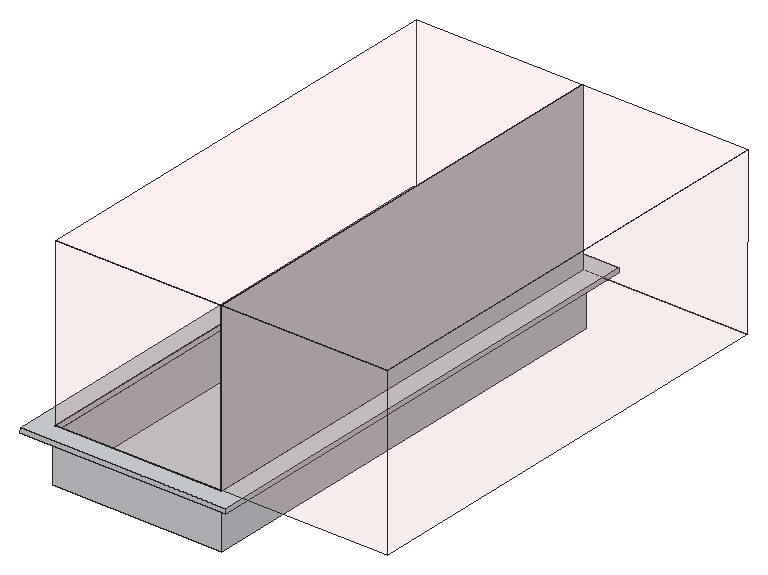
Revit family "Hager-VOLTA-Hollow_wall-IP30-With_Cover-Without_DIN-Hosted-AT-de", category Electrical Equipment, host Face, Revit 2023
Family settings
  Host = Face
  Panel Configuration = Two Columns, Circuits Across
  Round Connector Dimension = Use Diameter
  Part Type = Panelboard
  Cut with Voids When Loaded = No
  Maintain Annotation Orientation = Yes
  Shared = No
  Room Calculation Point = No
Parameters (values of type "VOLTA-Hollow_wall_W348_H880_D98_12_Modular_Spacing-VH60WWH")
  Width Control [instance] = if([HG000006-Unterputz], if([EF000846 - Einbaubreite] > min_whd, [EF000846 - Einbaubreite], min_whd), if([EF000008 - Breite] > min_whd, ([EF000008 - Breite]), min_whd))  # 314.5 mm
  Void Depth [instance] = if([HG000006-Unterputz], Depth Control, 1 mm)  # 89 mm
  Uniformat code = "D501001"
  Uniformat = "Low Tension Service & Dist."
  HGEF0002950-Breite in Teilungseinheiten = 12
  HGEF000266-Anzahl der Reihen = 0
  HG000131 - Functional label [instance] = ""
  HG000130 - Functional name [instance] = ""
  Type Comments = ""
  System Height [instance] = Height Control - 2 * [HG000005-Dicke]  # 841 mm
  Reference description = ""
  Reference = "VOLTA-Hollow_wall_W348_H880_D98_12_Modular_Spacing-VH60WWH"
  Object type = ""
  Name hager = "ADD_Enclosures_EC000214"
  Name BIM&CO = "Electricity"
  Name = "VOLTA-Hollow_wall-IP30-With_Cover-Without_DIN-AT"
  Model = ""
  HG000099-Onfly Template ID-de-AT = "507532"
  HG000060-RAL-number = "9010"
  HG000059-Operating voltage-de-AT [instance] = 230 V
  HG000017-Distanz zwischen den Polen = 18 mm
  HG000016-3D-Türsichtbarkeit = yes
  HG000015-Sichtbarkeit der Türöffnung = yes
  HG000014-Tür rechts = yes
  HG000013-Tür links = no
  HG000012-Türschwenkwinkel = 90.00°
  HG000011-Leere Reihen von unten = no
  HG000010-Asymmetrische Türen = no
  HG000009-Doppelflügeligen Tür = no
  HG000008-Anzahl der leeren Reihen = 0
  HG000007-Anzahl der leeren Spalten = 0
  HG000006-Unterputz = yes
  HG000005-Dicke = 2 mm
  HG000004-Herstellerreferenz = "VH60WWH"
  HG000003-Bereich = "VOLTA"
  HG000002-Mit tür = yes
  HG000001-Anzahl der Spalten = 0
  GTIN (Global Trade Item Number) = ""
  ETIM class name = "Small distribution board"
  ETIM class code = "EC000214"
  EF015941 - Signaldurchlassende Tür = yes
  EF015777 - Neutralleiterklemmenblock = no
  EF015776 - Erdungsklemmenblock = no
  EF009212 - Ausführung Deckel = "mit Ausschnitt"
  EF006306 - Mit Schloss = no
  EF006244 - Transparenter Deckel/Tür = no
  EF005474 - Schutzart (IP) = "IP30"
  EF004464 - Art der Tür = ""
  EF004462 - Art der Schließung = "sonstige"
  EF002950 - Breite in Teilungseinheiten = 12
  EF001596 - Werkstoff des Gehäuses = ""
  EF001134 - DIN-Schiene = no
  EF001131 - Innentiefe = 0 mm
  EF001088 - Anbaumöglichkeit = yes
  EF001062 - EMV-Ausführung = no
  EF000846 - Einbaubreite = 314.5 mm
  EF000339 - Art der Abdeckung = ""
  EF000332 - Einbauhöhe = 845 mm
  EF000266 - Anzahl der Reihen = 0
  EF000218 - Einbautiefe = 89 mm
  EF000118 - Mit Montageplatte = yes
  EF000116 - RAL-Nummer = 9010
  EF000049 - Tiefe = 98 mm
  EF000040 - Höhe = 880 mm
  EF000024 - UV-beständig = no
  EF000008 - Breite = 348 mm
  EF000007 - Farbe = "weiß"
  EF000003 - Montageart = "Hohlwand"
  Creation Date = "12/15/2025 21:42:14"
  Code hager = "ADD-EC000214_EU"
  BIM&CO code = ""
  BC_VARIANT_ID = "1174066"
  BC_OBJECT_VERSION = "#3"  # constant formula
  BC_OBJECT_ID = "513458"  # constant formula
  BC_MODEL_ID = "1547069"  # constant formula
  Arrow Offset [instance] = Depth Control / 8  # 11.125 mm
  Arrow Height [instance] = Depth Control - Arrow Offset  # 77.875 mm
  Host Offset [instance] = if([HG000006-Unterputz], 0 mm, [EF000049 - Tiefe])  # 0 mm
  min_whd [instance] = (2 * [HG000005-Dicke]) + 1 mm  # 5 mm
  Manufacturer = "Hager"  # constant formula
  Height Control [instance] = if([HG000006-Unterputz], if([EF000332 - Einbauhöhe] > min_whd, [EF000332 - Einbauhöhe], min_whd), if([EF000040 - Höhe] > min_whd, ([EF000040 - Höhe]), min_whd))  # 845 mm
  Flush Mounted - Door Frame Width [instance] = if(([EF000040 - Höhe] - [EF000332 - Einbauhöhe]) > 0 mm, if([HG000006-Unterputz], [EF000040 - Höhe] - [EF000332 - Einbauhöhe], 0 mm), 0 mm)  # 35 mm
  Depth Control [instance] = if([HG000006-Unterputz], if([EF000218 - Einbautiefe] > 0 mm, [EF000218 - Einbautiefe], 1 mm), if([EF000049 - Tiefe] > 0 mm, ([EF000049 - Tiefe]), 1 mm))  # 89 mm
  Default Elevation = 0 mm
Types (6, lengths in mm): name | System Height | Reference | HG000004-Herstellerreferenz | EF015941 - Signaldurchlassende Tür | EF000332 - Einbauhöhe | EF000040 - Höhe | BC_VARIANT_ID | Height Control
  VOLTA-Hollow_wall_W348_H630_D98_12_Modular_Spacing-VH36NW | 591 | "VOLTA-Hollow_wall_W348_H630_D98_12_Modular_Spacing-VH36NW" | "VH36NW" | no | 595 | 630 | "1174061" | 595
  VOLTA-Hollow_wall_W348_H630_D98_12_Modular_Spacing-VH36WWH | 591 | "VOLTA-Hollow_wall_W348_H630_D98_12_Modular_Spacing-VH36WWH" | "VH36WWH" | yes | 595 | 630 | "1174062" | 595
  VOLTA-Hollow_wall_W348_H755_D98_12_Modular_Spacing-VH48NW | 716 | "VOLTA-Hollow_wall_W348_H755_D98_12_Modular_Spacing-VH48NW" | "VH48NW" | no | 720 | 755 | "1174063" | 720
  VOLTA-Hollow_wall_W348_H755_D98_12_Modular_Spacing-VH48WWH | 716 | "VOLTA-Hollow_wall_W348_H755_D98_12_Modular_Spacing-VH48WWH" | "VH48WWH" | yes | 720 | 755 | "1174064" | 720
  VOLTA-Hollow_wall_W348_H880_D98_12_Modular_Spacing-VH60NW | 841 | "VOLTA-Hollow_wall_W348_H880_D98_12_Modular_Spacing-VH60NW" | "VH60NW" | no | 845 | 880 | "1174065" | 845
  VOLTA-Hollow_wall_W348_H880_D98_12_Modular_Spacing-VH60WWH | 841 | "VOLTA-Hollow_wall_W348_H880_D98_12_Modular_Spacing-VH60WWH" | "VH60WWH" | yes | 845 | 880 | "1174066" | 845
Reference planes
  plane 1 "Center (Front/Back)": y = 0
  plane 2: z = 0
  plane 3 "Center (Left/Right)": x = 0
  plane 4: z = 0
  plane 5: y = 37
  plane 6: z = -5
  plane 7: y = 457.5
  plane 8: y = 35
  plane 9: y = 880
  plane 10: z = -89
  plane 11: x = -157.25
  plane 12: x = 157.25
  plane 13: x = 155.25
  plane 14: x = -155.25
  plane 15: y = 878
  plane 16: z = -87
  plane 17: z = -2
  plane 18: z = -89
  plane 19: z = -2
  plane 20 "Annotation H": y = -100
  plane 21 "Annotation V": x = 457.25
Forms (mm)
  Extrusion 1, solid
    sketch origin (-583.045, 35, 1219.2) x (-1, 0, 0) y (0, 0, 1)
      loop
        line (-425.795, -1219.2) -> (-740.295, -1219.2) -> (-740.295, -1308.2) -> (-425.795, -1308.2) -> (-425.795, -1219.2)
    from 0 to 845 <- "Height Control"
  Extrusion 2, void
    sketch origin (-381.607, -4572, 0) x (0, -1, 0) y (-1, 0, 0)
      loop
        line (-5450, -226.357) -> (-5450, -536.857) -> (-4609, -536.857) -> (-4609, -226.357) -> (-5450, -226.357)
    from 0 to 87
  Extrusion 3, void
    sketch origin (0, 0, 0) x (1, 0, 0) y (0, 1, 0)
      loop
        line (-157.25, 35) -> (157.25, 35) -> (157.25, 880) -> (-157.25, 880) -> (-157.25, 35)
    from -89 to 1
  Extrusion 4, solid, detail levels coarse+medium
    sketch origin (-381.607, -4572, 0) x (-1, 0, 0) y (0, -1, 0)
      loop
        line (-226.357, -5450) -> (-226.357, -4609) -> (-536.857, -4609) -> (-536.857, -5450) -> (-226.357, -5450)
    from 0 to -2
Cuts and joins
  Extrusion 2 cuts Extrusion 1
Dimensions and locks
  plane 4 to plane 6 = 5 mm
  "Host Offset": plane 4 to host face
  "Flush Mounted - Door Frame Width": plane 1 "Center (Front/Back)" to plane 8
  "HG000005-Dicke": plane 5 to plane 8
  locked: connector elem to plane 3 "Center (Left/Right)"
  "Height Control": plane 9 to plane 8
  equal spacing: plane 9, plane 7, plane 8
  locked: connector elem to plane 7
  "Depth Control": plane 4 to plane 10
  "HG000005-Dicke": plane 11 to plane 14
  "HG000005-Dicke": plane 12 to plane 13
  equal spacing: plane 11, plane 3 "Center (Left/Right)", plane 12
  "Width Control": plane 11 to plane 12
  "Arrow Offset": nested 4 to plane 10
  "HG000005-Dicke": plane 9 to plane 15
  "HG000005-Dicke": plane 16 to plane 10
  "HG000005-Dicke": plane 4 to plane 17
  "Void Depth": plane 2 to plane 18
  "HG000005-Dicke": plane 4 to plane 19
  locked: plane 20 "Annotation H" to plane 1 "Center (Front/Back)" at 100
  locked: plane 12 to plane 21 "Annotation V" at 300
  aligned and locked: plane 2 to host face
  aligned and locked: level to host face
  aligned and locked: plane 3 "Center (Left/Right)" to nested 2
  aligned and locked: plane 4 to nested 2
  aligned and locked: nested 2 to plane 8
  aligned and locked: nested 1 to plane 6
  aligned and locked: plane 5 to nested 1
  aligned and locked: nested 4 to plane 11
  aligned and locked: nested 3 to plane 4
  aligned and locked: Extrusion 1 sketch curve to plane 12
  aligned and locked: Extrusion 1 sketch curve to plane 11
  aligned and locked: nested 3 to plane 10
  aligned and locked: plane 10 to Extrusion 1 sketch curve
  aligned and locked: plane 5 to Extrusion 2 sketch curve
  aligned and locked: Extrusion 2 sketch curve to plane 15
  aligned and locked: Extrusion 2 sketch curve to plane 14
  aligned and locked: Extrusion 2 sketch curve to plane 13
  aligned and locked: plane 11 to Extrusion 3 sketch curve
  aligned and locked: plane 9 to Extrusion 3 sketch curve
  aligned and locked: Extrusion 3 sketch curve to plane 8
  aligned and locked: plane 12 to Extrusion 3 sketch curve
  aligned and locked: nested 3 to plane 12
  aligned and locked: Extrusion 3 to plane 18
  aligned and locked: Extrusion 2 to plane 16
  aligned and locked: Extrusion 1 sketch curve to plane 4
  aligned and locked: Extrusion 4 to plane 17
  aligned and locked: Extrusion 4 sketch curve to plane 15
  aligned and locked: Extrusion 4 sketch curve to plane 13
  aligned and locked: Extrusion 4 sketch curve to plane 14
  aligned and locked: plane 5 to Extrusion 4 sketch curve
  aligned and locked: nested 5 to plane 21 "Annotation V"
  aligned and locked: plane 20 "Annotation H" to nested 5
Automatic sketch dimensions
  host sketch curve to host sketch curve = 1469.727 mm
  host sketch curve to host sketch curve = 1434.803 mm
Nested families
  nested 1: "Hager_Enclosure_System" at (0, 37, -5) x (1, 0, 0) z (0, 1, 0), Height <- "System Height", Width_Control <- "Width Control", Built-in_Width <- "EF000846 - Einbaubreite", Width <- "EF000008 - Breite", Depth <- "HG000005-Dicke", Border <- "HG000005-Dicke", Distance_Between_Poles <- "HG000017-Distanz zwischen den Polen", Flush_Mounted <- "HG000006-Unterputz", Empty_Columns <- "HG000007-Anzahl der leeren Spalten", Total_No_Empty_Rows <- "HG000008-Anzahl der leeren Reihen", Empty_Rows_From_Bottom <- "HG000011-Leere Reihen von unten", Columns_Count <- "HG000001-Anzahl der Spalten", Rows_Count <- "HGEF000266-Anzahl der Reihen", Row_Module_Multiplicator <- "HGEF0002950-Breite in Teilungseinheiten", type "Hager_Enclosure_System", detail levels fine
    with Width_Control 314.5 mm, Width 348 mm, Total_No_Rows 0, Total_No_Empty_Rows 0, Total_No_Columns 1, System_Width 310.5 mm, Rows_Count 0, Rows_Column 0, Row_Module_Multiplicator 12, Panel_4 no, Panel_3 no, Panel_2 no, Panel_1 no, No_Panels_Ctrl 1, Hide_Columns yes, Height 841 mm, Flush_Mounted yes, Empty_Rows_From_Bottom no, Empty_Rows_Column 0, Empty_Columns 0, Empty column 4 0, Empty column 3 0, Empty column 2 0, Empty column 1 0, Distance_Between_Poles 18 mm, Depth 2 mm, Columns_Count 0, Column_Width 310.5 mm, Built-in_Width 314.5 mm, Border 2 mm
  nested 2: "Hager_Enclosure_Door" at (0, 35, 0) x (1, 0, 0) z (0, 1, 0), Height_Ctrl <- "Height Control", Width_Ctrl <- "Width Control", BuiltIn_Depth <- "EF000218 - Einbautiefe", Depth <- "EF000049 - Tiefe", BuiltIn_Width <- "EF000846 - Einbaubreite", Height <- "EF000040 - Höhe", BuiltIn_Height <- "EF000332 - Einbauhöhe", Width <- "EF000008 - Breite", Transparent <- "EF006244 - Transparenter Deckel/Tür", Border <- "HG000005-Dicke", Door <- "HG000002-Mit tür", Flush_Mounted <- "HG000006-Unterputz", Double <- "HG000009-Doppelflügeligen Tür", Assymetrical <- "HG000010-Asymmetrische Türen", Angle <- "HG000012-Türschwenkwinkel", Door_Left <- "HG000013-Tür links", Door_Right <- "HG000014-Tür rechts", Clearance <- "HG000015-Sichtbarkeit der Türöffnung", 3d_Door <- "HG000016-3D-Türsichtbarkeit", type "Hager_Enclosure_Door", detail levels medium+fine
    with min_wh 5 mm, Width_Ctrl 314.5 mm, Width 348 mm, Transparent_Door_No_Bottom_Border no, Transparent no, Leaf_Width 307.5 mm, Leaf_Tolerance 1.5 mm, Leaf_Height 838 mm, Leaf_2_Width 307.5 mm, Leaf_2_Offset 153.75 mm, Leaf_1_Width 307.5 mm, Leaf_1_Offset 153.75 mm, Height_Ctrl 845 mm, Height 880 mm, Frame_Width_Ctrl 33.5 mm, Frame_Width 33.5 mm, Frame_Internal_Offset 2 mm, Frame_Height_Ctrl 35 mm, Frame_Height 35 mm, Frame_Depth_Ctrl 9 mm, Frame_Depth 9 mm, Flush_Mounted yes, Double_Clearance_Ctrl no, Double no, Door_Right_Ctrl yes, Door_Right yes, Door_Left_Ctrl no, Door_Left no, Door yes, Depth 98 mm, Clearance_Depth 307.5 mm, Clearance_Ctrl yes, Clearance yes, BuiltIn_Width 314.5 mm, BuiltIn_Height 845 mm, BuiltIn_Depth 89 mm, Border 2 mm, Assymetrical no, Angle 90.00°, 3d_Door yes
  nested 3: "Hager_Enclosure_Symbol_Triangle" at (-157.25, 0, -89) x (1, 0, 0) z (0, -1, 0), Depth <- "Depth Control", Width <- "Width Control", type "Hager_Enclosure_Symbol_Triangle"
    with Width_Ctrl 314.5 mm, Width 314.5 mm, Depth_Ctrl 89 mm, Depth 89 mm
  nested 4: "Hager_Enclosure_Symbol_Arrow" at (-157.25, 0, -77.875) x (1, 0, 0) z (0, -1, 0), Height <- "Arrow Height", type "Hager_Enclosure_Symbol_Arrow"
    with Width_Inside 5.841 mm, Width 70.087 mm, Height_Ctrl 77.875 mm, Height 77.875 mm
  nested 5: "Hager_Annotation-HG000130" at (457.25, -100, 0) x (-1, 0, 0) z (0, 0, 1), HG000130 - Functional name <- "HG000130 - Functional name", type "Hager_Annotation-HG000130"
    with HG000130 - Functional name ""
Connectors
  electrical at (0, 457.5, -89)
    settings: on plane 10, index 1, voltage 0 V, apparent load 0 VA, apparent load phase1 0 VA, apparent load phase2 0 VA, apparent load phase3 0 VA, power factor 1, load classification "Other", number of poles 1, system type 30, power factor state 1, is connector primary yes, connector utility no, sub classification motor no, connector description ""
Definition of nested family "Hager_Enclosure_Door"
  Parameters (values of type "Hager_Enclosure_Door")
    min_wh [instance] = (2 * Border) + 1 mm  # 11 mm
    Width_Ctrl [instance] = 400 mm
    Width [instance] = 500 mm
    Transparent_Door_No_Bottom_Border [instance] = no
    Transparent [instance] = yes
    Leaf_Width [instance] = if((Width_Ctrl - 2 * Border - 2 * Leaf_Tolerance) > 0 mm, (Width_Ctrl - 2 * Border - 2 * Leaf_Tolerance), min_wh)  # 387 mm
    Leaf_Tolerance [instance] = 1.5 mm  # constant formula
    Leaf_Height [instance] = if((Height_Ctrl - 2 * Border - 2 * Leaf_Tolerance) > 0 mm, (Height_Ctrl - 2 * Border - 2 * Leaf_Tolerance), min_wh)  # 387 mm
    Leaf_2_Width [instance] = if(and(and(Double, Assymetrical), Door_Left), (Leaf_Width / 3) - (Leaf_Tolerance / 2), if(and(and(Double, Assymetrical), Door_Right), (Leaf_Width / 3) * 2 - (Leaf_Tolerance / 2), if(and(Double, not(Assymetrical)), (Leaf_Width / 2) - Leaf_Tolerance, Leaf_Width)))  # 387 mm
    Leaf_2_Offset [instance] = if(and(Double, Assymetrical), Leaf_2_Width / 2, if(and(Double, not(Assymetrical)), Leaf_Width / 4, Leaf_Width / 2))  # 193.5 mm
    Leaf_1_Width [instance] = if(and(and(Double, Assymetrical), Door_Right), (Leaf_Width / 3) - (Leaf_Tolerance / 2), if(and(and(Double, Assymetrical), Door_Left), (Width / 3) * 2 - (Leaf_Tolerance / 2), if(and(Double, not(Assymetrical)), (Leaf_Width / 2) - Leaf_Tolerance, Leaf_Width)))  # 387 mm
    Leaf_1_Offset [instance] = if(and(Double, Assymetrical), Leaf_1_Width / 2, if(and(Double, not(Assymetrical)), Leaf_Width / 4, Leaf_Width / 2))  # 193.5 mm
    Height_Ctrl [instance] = 400 mm
    Height [instance] = 500 mm
    Frame_Width_Ctrl [instance] = if(Frame_Width > 0 mm, Frame_Width, 1 mm)  # 1 mm
    Frame_Width [instance] = Width - BuiltIn_Width  # 0 mm
    Frame_Internal_Offset [instance] = if(Flush_Mounted, Border, 0 mm)  # 5 mm
    Frame_Height_Ctrl [instance] = if(Frame_Height > 0 mm, Frame_Height, 1 mm)  # 1 mm
    Frame_Height [instance] = Height - BuiltIn_Height  # 0 mm
    Frame_Depth_Ctrl [instance] = if(Frame_Depth > 0 mm, Frame_Depth, 1 mm)  # 1 mm
    Frame_Depth [instance] = if(Depth - BuiltIn_Depth > 0 mm, if(Flush_Mounted, Depth - BuiltIn_Depth, 0 mm), 0 mm)  # 0 mm
    Flush_Mounted [instance] = yes
    Double_Clearance_Ctrl [instance] = and(Double, Clearance)  # no
    Double [instance] = no
    Door_Right_Ctrl [instance] = and(or(Door_Right, Double), Door)  # yes
    Door_Right [instance] = yes
    Door_Left_Ctrl [instance] = and(or(Door_Left, Double), Door)  # no
    Door_Left [instance] = no
    Door [instance] = yes
    Depth [instance] = 500 mm
    Default Elevation = 1219.2 mm
    Clearance_Material = none
    Clearance_Depth [instance] = if(Leaf_1_Width > Leaf_2_Width, Leaf_1_Width, Leaf_2_Width)  # 387 mm
    Clearance_Ctrl [instance] = and(not(Double), Clearance)  # yes
    Clearance [instance] = yes
    BuiltIn_Width [instance] = 500 mm
    BuiltIn_Height [instance] = 500 mm
    BuiltIn_Depth [instance] = 500 mm
    Border [instance] = 5 mm
    Assymetrical [instance] = yes
    Angle [instance] = 30.00°
    3d_Door [instance] = yes
  Reference planes
    plane 1 "Center (Front/Back)": y = 0
    plane 2 "Bottom": z = 0
    plane 3 "Center (Left/Right)": x = 0
    plane 4: z = 400
    plane 5: x = -200
    plane 6: x = 200
    plane 7: z = 395
    plane 8: x = -195
    plane 9: z = 5
    plane 10: x = 195
    plane 11: y = 0
    plane 12: z = 6.5
    plane 13: x = -582
    plane 14: y = -387
    plane 15: x = 582
    plane 16: x = 0
    plane 17: x = 0
    plane 18: x = -193.5
    plane 19: x = 193.5
    plane 20: z = 393.5
  Forms (mm)
    Extrusion 1, solid, visible <- "Flush_Mounted"
      sketch origin (0, 0, 0) x (1, 0, 0) y (0, 0, 1)
        loop
          line (195, 5) -> (195, 395) -> (-195, 395) -> (-195, 5) -> (195, 5)
        loop
          line (-201, 401) -> (-201, -1) -> (201, -1) -> (201, 401) -> (-201, 401)
      from 0 to 1 <- "Frame_Depth_Ctrl"
    Extrusion 2, solid, material <- "Clearance_Material", visible <- "Double_Clearance_Ctrl"
      sketch origin (1200, 0, 0) x (1, 0, 0) y (0, 0, -1)
        loop
          line (-1782, -393.5) -> (-618, -393.5) -> (-618, 0) -> (-1782, 0) -> (-1782, -393.5)
      from 0 to -387
  Dimensions and locks
    equal spacing: plane 5, plane 3 "Center (Left/Right)", plane 6
    "Width_Ctrl": plane 5 to plane 6
    "Border": plane 5 to plane 8
    "Border": plane 6 to plane 10
    "Border": plane 9 to level
    "Border": plane 4 to plane 7
    "Height_Ctrl": plane 4 to level
    "Leaf_Tolerance": plane 12 to plane 9
    "Frame_Depth": plane 11 to plane 1 "Center (Front/Back)"
    "Frame_Width_Ctrl": plane 5 to Extrusion 1 sketch curve
    "Frame_Width_Ctrl": plane 6 to Extrusion 1 sketch curve
    "Frame_Width_Ctrl": Extrusion 1 sketch curve to plane 4
    "Frame_Width_Ctrl": plane 2 "Bottom" to Extrusion 1 sketch curve
    "Leaf_1_Offset": plane 18 to plane 16
    "Leaf_2_Offset": plane 17 to plane 19
    "Leaf_1_Width": plane 13 to plane 8
    "Leaf_2_Width": plane 10 to plane 15
    "Clearance_Depth": plane 14 to plane 1 "Center (Front/Back)"
    "Leaf_Tolerance": plane 8 to plane 18
    "Leaf_Tolerance": plane 19 to plane 10
    "Leaf_Tolerance": plane 7 to plane 20
    "Frame_Internal_Offset": plane 5 to Extrusion 1 sketch curve
    "Frame_Internal_Offset": Extrusion 1 sketch curve to plane 2 "Bottom"
    "Frame_Internal_Offset": plane 6 to Extrusion 1 sketch curve
    "Frame_Internal_Offset": plane 4 to Extrusion 1 sketch curve
    aligned and locked: level to plane 2 "Bottom"
    aligned and locked: nested 1 to plane 16
    aligned and locked: nested 2 to plane 17
    aligned and locked: Extrusion 2 to plane 13
    aligned and locked: plane 15 to Extrusion 2
    aligned and locked: Extrusion 2 to plane 14
    aligned and locked: plane 12 to nested 1
    aligned and locked: nested 2 to plane 12
    aligned and locked: Extrusion 2 to plane 11
    aligned and locked: plane 20 to Extrusion 2
    aligned and locked: nested 2 to plane 11
    aligned and locked: nested 1 to plane 11
  Automatic sketch dimensions
    Extrusion 2 sketch curve to level = 0 mm
    plane 5 to Extrusion 2 sketch curve = 382 mm
    plane 6 to Extrusion 2 sketch curve = 382 mm
    Extrusion 2 sketch curve to plane 4 = 6.5 mm
  Nested families
    nested 1: "Hager_Enclosure_Door_Leaf" at (0, 0, 6.5), Width <- "Leaf_1_Width", visible <- "Door_Left_Ctrl", Leaf_Height <- "Leaf_Height", Angle <- "Angle", Depth <- "Border", 3d_Door <- "3d_Door", Transparent <- "Transparent", Clearance Material <- "Clearance_Material", Clearance <- "Clearance_Ctrl", Transparent_Door_No_Bottom_Border <- "Transparent_Door_No_Bottom_Border", type "Hager_Enclosure_Door_Leaf"
      with Width 387 mm, Transparent_Door_No_Bottom_Border no, Transparent_Door_Border_Bottom_Top 25 mm, Transparent_Door_Border 25 mm, Transparent_Ctrl yes, Transparent yes, Standard no, Leaf_Height 387 mm, Glass_Offset 1 mm, Depth 5 mm, Clearance Material none, Clearance yes, Angle_Ctrl 30.00°, Angle 30.00°, 3d_Door yes
    nested 2: "Hager_Enclosure_Door_Leaf" at (0, 0, 6.5) x (-1, 0, 0) z (0, 0, 1), Width <- "Leaf_2_Width", visible <- "Door_Right_Ctrl", Leaf_Height <- "Leaf_Height", Angle <- "Angle", Depth <- "Border", 3d_Door <- "3d_Door", Transparent <- "Transparent", Clearance Material <- "Clearance_Material", Clearance <- "Clearance_Ctrl", Transparent_Door_No_Bottom_Border <- "Transparent_Door_No_Bottom_Border", type "Hager_Enclosure_Door_Leaf"
      with Width 387 mm, Transparent_Door_No_Bottom_Border no, Transparent_Door_Border_Bottom_Top 25 mm, Transparent_Door_Border 25 mm, Transparent_Ctrl yes, Transparent yes, Standard no, Leaf_Height 387 mm, Glass_Offset 1 mm, Depth 5 mm, Clearance Material none, Clearance yes, Angle_Ctrl 30.00°, Angle 30.00°, 3d_Door yes
  Definition of nested family "Hager_Enclosure_Door_Leaf"
    Parameters (values of type "Hager_Enclosure_Door_Leaf")
      Width [instance] = 2000 mm
      Transparent_Door_No_Bottom_Border [instance] = yes
      Transparent_Door_Border_Bottom_Top [instance] = if(Transparent_Door_No_Bottom_Border, 0.1 mm, Transparent_Door_Border)  # 0.1 mm
      Transparent_Door_Border [instance] = if(Transparent_Door_No_Bottom_Border, (Width * 0.12), 25 mm)  # 240 mm
      Transparent_Ctrl [instance] = and(Transparent, [3d_Door])  # yes
      Transparent [instance] = yes
      Standard [instance] = and(not(Transparent), [3d_Door])  # no
      Leaf_Height [instance] = 2720.336 mm
      Glass_Offset [instance] = if((Depth - 10 mm) / 2 > 0 mm, (Depth - 10 mm) / 2, 1 mm)  # 15 mm
      Glass_Material = none
      Depth [instance] = 40 mm
      Default Elevation = 0 mm
      Clearance Material [instance] = none
      Clearance [instance] = yes
      Angle_Ctrl [instance] = if(Angle > 170.00°, 170.00°, Angle)  # 45.00°
      Angle [instance] = 45.00°
      3d_Door [instance] = yes
    Reference planes
      plane 1 "Center (Front/Back)": y = 0
      plane 2: z = 0
      plane 3 "Center (Left/Right)": x = 0
      plane 4: y = 2000
      plane 5: x = -1000
      plane 6: x = 1000
      plane 7: x = -3000
      plane 8: z = 2720.336
      plane 9: z = 0.1
      plane 10: z = 2720.236
      plane 11: x = 760
      plane 12: x = -760
    Forms (mm)
      Extrusion 1, solid, material <- "Clearance Material", visible <- "Clearance"
        sketch origin (0, 0, 0) x (1, 0, 0) y (0, 0, 1)
          loop
            line (-3000, 2720.336) -> (-3000, 0) -> (1000, 0) -> (1000, 2720.336) -> (-3000, 2720.336)
        from 0 to -2000
      Extrusion 2, solid, visible <- "Standard", detail levels medium+fine
        sketch origin (-1000, 0, 0) x (0.707107, 0.707107, 0) y (-0.707107, 0.707107, 0)
          loop
            line (0, -40) -> (2000, -40) -> (2000, 0) -> (0, 0) -> (0, -40)
        from 0 to 2720.336 <- "Leaf_Height"
      Extrusion 3, solid, visible <- "Transparent_Ctrl", detail levels medium+fine
        sketch origin (-1000, 0, 0) x (0.707107, 0.707107, 0) y (-0.707107, 0.707107, 0)
          loop
            line (0, -40) -> (2000, -40) -> (2000, 0) -> (0, 0) -> (0, -40)
        from 0 to 2720.336 <- "Leaf_Height"
      Extrusion 4, void, detail levels medium+fine
        sketch origin (-1000, 0, 0) x (-0.707107, 0.707107, 0) y (0.707107, 0.707107, 0)
          loop
            line (0, 240) -> (0, 1760) -> (-40, 1760) -> (-40, 240) -> (0, 240)
        from -2720.236 to -0.1
      Extrusion 5, solid, material <- "Glass_Material", visible <- "Transparent_Ctrl", detail levels medium+fine
        sketch origin (-1000, 0, 0) x (0.707107, 0.707107, 0) y (-0.707107, 0.707107, 0)
          loop
            line (240, -15) -> (240, -25) -> (1760, -25) -> (1760, -15) -> (240, -15)
        from 0.1 to 2720.236
    Cuts and joins
      Extrusion 4 cuts Extrusion 3
    Lines and regions (mm)
      symbolic lines
        curve 1: line (1000, 0, 0) -> (-3000, 0, 0)
        curve 2: arc (1000, 0, 0) -> (-1000, 2000, 0) -> (-3000, 0, 0) r 2000
        curve 4: line (-1000, 0, 0) -> (414.214, 1414.214, 0)
      reference lines
        curve 3: line (-1000, 0, 0) -> (414.214, 1414.214, 0)
      symbolic lines, detail levels medium+fine
        curve 5: line (414.214, 1414.214, 0) -> (442.498, 1385.929, 0)
        curve 6: line (442.498, 1385.929, 0) -> (-971.716, -28.284, 0)
        curve 7: line (-971.716, -28.284, 0) -> (-1000, 0, 0)
        curve 8: line (-1000, 0, 2720.336) -> (1000, 0, 2720.336)
        curve 9: line (-1000, 0, 0) -> (-1000, 0, 2720.336)
        curve 10: line (1000, 0, 0) -> (-1000, 0, 0)
        curve 11: line (1000, 0, 2720.336) -> (1000, 0, 0)
      symbolic lines, visible <- "Transparent_Ctrl", detail levels medium+fine
        curve 12: line (-760, 0, 2720.236) -> (760, 0, 2720.236)
        curve 13: line (-760, 0, 0.1) -> (-760, 0, 2720.236)
        curve 14: line (760, 0, 0.1) -> (-760, 0, 0.1)
        curve 15: line (760, 0, 2720.236) -> (760, 0, 0.1)
    Dimensions and locks
      "Width": plane 1 "Center (Front/Back)" to plane 4
      equal spacing: plane 5, plane 3 "Center (Left/Right)", plane 6
      "Width": plane 5 to plane 6
      "Width": plane 7 to plane 5
      "Leaf_Height": plane 8 to level
      "Depth": curve 6 to curve 3
      "Width": curve 5 to curve 3
      "Width": curve 3 to curve 3
      "Transparent_Door_Border": Extrusion 4 sketch curve to curve 7
      "Transparent_Door_Border": Extrusion 4 sketch curve to curve 5
      "Transparent_Door_Border_Bottom_Top": plane 8 to plane 10
      "Transparent_Door_Border_Bottom_Top": plane 9 to level
      "Glass_Offset": Extrusion 5 sketch curve to curve 4
      "Glass_Offset": Extrusion 5 sketch curve to curve 6
      "Transparent_Door_Border": Extrusion 5 sketch curve to curve 5
      "Transparent_Door_Border": Extrusion 5 sketch curve to curve 7
      "Transparent_Door_Border": plane 12 to plane 5
      "Transparent_Door_Border": plane 6 to plane 11
      "Angle_Ctrl": angle plane 1 "Center (Front/Back)" to curve 3
      aligned and locked: level to plane 2
      aligned and locked: Extrusion 1 to curve 1
      aligned and locked: plane 6 to Extrusion 1
      aligned and locked: Extrusion 1 to plane 1 "Center (Front/Back)"
      aligned and locked: plane 4 to Extrusion 1
      aligned and locked: plane 8 to Extrusion 1
      aligned and locked: curve 4 to curve 3
      aligned and locked: Extrusion 2 sketch curve to curve 7
      aligned and locked: Extrusion 2 sketch curve to curve 6
      aligned and locked: Extrusion 2 sketch curve to curve 5
      aligned and locked: Extrusion 2 sketch curve to curve 3
      aligned and locked: curve 7 to Extrusion 3 sketch curve
      aligned and locked: Extrusion 3 sketch curve to curve 4
      aligned and locked: Extrusion 3 sketch curve to curve 6
      aligned and locked: Extrusion 3 sketch curve to curve 5
      aligned and locked: curve 4 to Extrusion 4 sketch curve
      aligned and locked: curve 6 to Extrusion 4 sketch curve
      aligned and locked: Extrusion 4 to plane 9
      aligned and locked: Extrusion 4 to plane 10
      aligned and locked: Extrusion 5 to plane 9
      aligned and locked: Extrusion 5 to plane 10
      aligned and locked: curve 8 to plane 8
      aligned and locked: plane 5 to curve 9
      aligned and locked: plane 2 to curve 10
      aligned and locked: curve 11 to plane 6
      aligned and locked: plane 10 to curve 12
      aligned and locked: plane 12 to curve 13
      aligned and locked: curve 14 to plane 9
      aligned and locked: plane 11 to curve 15
    Automatic sketch dimensions
      plane 1 "Center (Front/Back)" to curve 2 = 0 mm
      curve 2 to plane 5 = 0 mm
      Extrusion 1 sketch curve to level = 0 mm
      Extrusion 1 sketch curve to plane 7 = 0 mm
      Extrusion 1 sketch curve to plane 6 = 0 mm
      Extrusion 1 sketch curve to plane 8 = 0 mm
      plane 1 "Center (Front/Back)" to curve 3 = 0 mm
      curve 3 to plane 5 = 0 mm
      curve 7 to curve 3 = 0 mm
Definition of nested family "Hager_Enclosure_Symbol_Triangle"
  Parameters (values of type "Hager_Enclosure_Symbol_Triangle")
    Width_Ctrl [instance] = if(Width > 1 mm, Width, 1 mm)  # 498 mm
    Width [instance] = 498 mm
    Depth_Ctrl [instance] = if(Depth > 1 mm, Depth, 1 mm)  # 72 mm
    Depth [instance] = 72 mm
  Reference planes
    plane 1 "Centre (avant/arrière)": y = 0
    plane 2: z = 0
    plane 3 "Centre (gauche/droite)": x = 0
  Lines and regions (mm)
    Filled region 1, type "Solid_Black", in view "Niveau de réf."
      outline origin (0, 0, 0) x (1, 0, 0) y (0, 1, 0)
        loop
          line (0, 0) -> (498, 0) -> (498, 72) -> (0, 0)
    reference lines, in view "Niveau de réf."
      curve 1: line (-206.153, 72, 0) -> (1083.258, 72, 0)
      curve 2: line (498, 405.456, 0) -> (498, -517.619, 0)
  Dimensions and locks
    "Depth_Ctrl": plane 1 "Centre (avant/arrière)" to curve 1
    "Width_Ctrl": plane 3 "Centre (gauche/droite)" to curve 2
    aligned and locked: curve 1 to Filled region 1 sketch curve
    aligned and locked: Filled region 1 sketch curve to plane 1 "Centre (avant/arrière)"
    aligned and locked: curve 2 to Filled region 1 sketch curve
    aligned and locked: plane 3 "Centre (gauche/droite)" to Filled region 1 sketch curve
    aligned and locked: plane 1 "Centre (avant/arrière)" to Filled region 1 sketch curve
  Automatic sketch dimensions
    curve 1 to plane 3 "Centre (gauche/droite)" = 206.153 mm
    curve 2 to curve 1 = 585.258 mm
    plane 1 "Centre (avant/arrière)" to curve 2 = 517.619 mm
    curve 2 to plane 1 "Centre (avant/arrière)" = 405.456 mm
Definition of nested family "Hager_Enclosure_Symbol_Arrow"
  Parameters (values of type "Hager_Enclosure_Symbol_Arrow")
    Width_Inside [instance] = if(Width / 12 > 2 mm, Width / 12, 2 mm)  # 4.987 mm
    Width [instance] = if(Height_Ctrl * 0.9 > 2 mm, Height_Ctrl * 0.9, 2 mm)  # 59.85 mm
    Height_Ctrl [instance] = if(Height > 2 mm, Height, 2 mm)  # 66.5 mm
    Height [instance] = 66.5 mm
  Reference planes
    plane 1 "Centre (avant/arrière)": y = 0
    plane 2: z = 0
    plane 3 "Centre (gauche/droite)": x = 0
    plane 4: x = 59.85
    plane 5: y = 28.263
    plane 6: y = 38.238
    plane 7: y = 66.5
    plane 8: x = 29.925
    plane 9: y = 33.25
  Lines and regions (mm)
    Filled region 1, type "Solid_Black", in view "Niveau de réf."
      outline origin (0, 0, 0) x (1, 0, 0) y (0, 1, 0)
        loop
          line (59.85, 66.5) -> (37.929, 52.827) -> (51.846, 41.935) -> (59.85, 66.5)
    detail lines, in view "Niveau de réf."
      curve 1: line (0, 0, 0) -> (29.925, 38.238, 0)
      curve 2: line (29.925, 38.238, 0) -> (29.925, 28.263, 0)
      curve 3: line (29.925, 28.263, 0) -> (59.85, 66.5, 0)
  Dimensions and locks
    "Width": plane 3 "Centre (gauche/droite)" to plane 4
    "Height_Ctrl": plane 7 to plane 1 "Centre (avant/arrière)"
    equal spacing: plane 3 "Centre (gauche/droite)", plane 8, plane 4
    equal spacing: plane 7, plane 9, plane 1 "Centre (avant/arrière)"
    equal spacing: plane 6, plane 9, plane 5
    "Width_Inside": plane 6 to plane 9
    equal spacing: curve 3, Filled region 1 sketch curve, Filled region 1 sketch curve
    angle Filled region 1 sketch curve to curve 3 = 20.00°
    angle curve 3 to Filled region 1 sketch curve = 20.00°
    locked: curve 3 to Filled region 1 sketch curve (angle 90.00°)
  Automatic sketch dimensions
    plane 1 "Centre (avant/arrière)" to curve 1 = 0 mm
    curve 1 to plane 3 "Centre (gauche/droite)" = 0 mm
    curve 2 to plane 6 = 0 mm
    curve 3 to plane 8 = 0 mm
    curve 3 to plane 4 = 0 mm
    curve 2 to plane 5 = 0 mm
    curve 3 to plane 7 = 0 mm
    Filled region 1 sketch curve to plane 4 = 0 mm
    Filled region 1 sketch curve to plane 7 = 0 mm
Definition of nested family "Hager_Annotation-HG000130"
  Parameters (values of type "Hager_Annotation-HG000130")
    HG000130 - Functional name [instance] = ""
  Reference planes
    plane 1: y = 0
    plane 2: x = 0
  Lines and regions (mm)
    detail lines
      curve 1: line (-27.5, 10, 0) -> (27.5, 10, 0)
      curve 2: line (-27.5, -10, 0) -> (-27.5, 10, 0)
      curve 3: line (27.5, -10, 0) -> (-27.5, -10, 0)
      curve 4: line (27.5, 10, 0) -> (27.5, -10, 0)
  Text (mm)
    label "HG000130 - Functional name" at (0.16, 0.026, 0), shows "HG000130 - Functional name"
